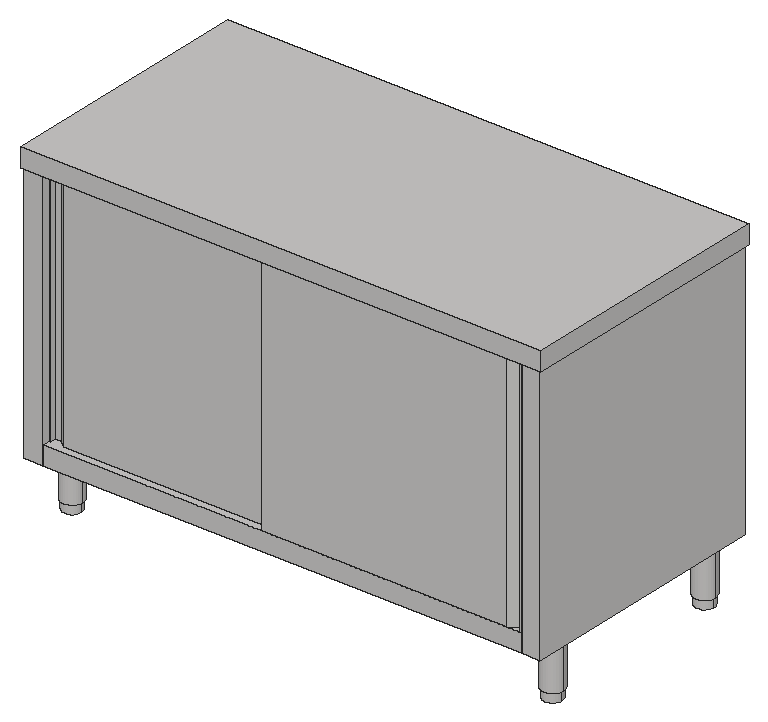
Revit family "QF_ZANUSSI_132772_MTN1400PN", category Attrezzature speciali, Revit 2020
Family settings
  Quota connettore circolare = Usa diametro
  Tipo di parte = Normale
  Basato su piano di lavoro = No
  Sempre verticale = Sì
  Taglio con vuoti quando caricato = No
  Condiviso = No
  Punto di calcolo locali = No
Parameters (values of type "Standard")
  Weight = 60.00 kg
  Watts = 0 W
  Volts = 0 V
  URL Manufacturer = "http://www.zanussiprofessional.com"
  URL = "http://www.zanussiprofessional.com"
  Steam Supply Size = 0 mm
  Steam Supply Minimum Pressure = 0.0 Pa
  Steam Supply Maximum Pressure = 0.0 Pa
  Steam Consumption per Hour = 0
  Refrigeration Suction Line Size = 0.0 mm
  Refrigeration Liquid Line Size = 0.0 mm
  Refrigerant Compressor Remote = yes
  Prospetto di default = 0.0 mm
  Produttore = "Zanussi"
  Phase = 0
  Modello = "MTN1400PN"
  Length Actual = 1400.0 mm  # constant formula
  Item Number = "132772"
  Hot Water Size = 0 mm
  Height Actual = 900.0 mm  # constant formula
  HP = "0 HP"
  Gas Size = 0 mm
  Gas KW = 0
  Gas Input Pressure = 0 W
  Direct Waste Size = 0 mm
  Descrizione = "WORKTOP CUPB.+SHELF+SLIDING DOORS 1400MM"
  Depth Actual = 700.0 mm  # constant formula
  Cycle = 0 Hz
  Condensate Return Size = 0 mm
  Compressed Air Volume = 0.0 L/s
  Compressed Air Size = 0 mm
  Compressed Air Pressure = 0.0 Pa
  Cold Water Size = 0 mm
  Accessory = yes
Reference planes
  plane 1 "Center (Front/Back)": y = 0
  plane 2: z = 0
  plane 3 "Center (Left/Right)": x = -200
  plane 4 "LEFT": x = -900
  plane 5 "RIGHT": x = 500
  plane 6 "BACK": y = 350
  plane 7 "FRONT": y = -350
  plane 8 "Base": z = 850
  plane 9 "TOP": z = 900
  plane 10: x = -846.9
  plane 11: x = 446.9
  plane 12: y = 270
  plane 13: y = -241.9
  plane 14 "BodyLeft": x = -894.5
  plane 15 "BodyFront": y = -344.5
  plane 16 "BodyRight": x = 494.5
  plane 17 "BodyBack": y = 344.5
  plane 18 "FEET": z = 150
  plane 19: x = -144.5
  plane 20: x = -255.5
Forms (mm)
  Extrusion 1, solid, material "QF_Finishes_Stainless Steel"
    sketch origin (-200, 0, 0) x (0, 1, 0) y (0, 0, 1)
      loop
        line (-350, 850) -> (350, 850) -> (350, 900) -> (-350, 900) -> (-350, 850)
    from 700 to -700
  Extrusion 2, solid, material "QF_Finishes_Stainless Steel"
    sketch origin (0, 0, 150) x (-1, 0, 0) y (0, -1, 0)
      loop
        line (894.5, -344.5) -> (894.5, 344.5) -> (844.5, 344.5) -> (844.5, -344.5) -> (894.5, -344.5)
      loop
        line (-444.5, -344.5) -> (-444.5, 344.5) -> (-494.5, 344.5) -> (-494.5, -344.5) -> (-444.5, -344.5)
    from 0 to 700
  Extrusion 3, solid, material "QF_Finishes_Stainless Steel"
    sketch origin (0, 0, 150) x (-1, 0, 0) y (0, -1, 0)
      loop
        line (843.585, -344.5) -> (843.585, 344.5) -> (-444.5, 344.5) -> (-444.5, -344.5) -> (843.585, -344.5)
    from 0 to 50
  Extrusion 4, solid, material "QF_Finishes_Stainless Steel"
    sketch origin (0, 0, 150) x (-1, 0, 0) y (0, -1, 0)
      loop
        line (843.585, -344.5) -> (843.585, -294.5) -> (-444.5, -294.5) -> (-444.5, -344.5) -> (843.585, -344.5)
    from 50 to 700
  Extrusion 5, solid, material "QF_Finishes_Stainless Steel"
    sketch origin (0, 0, 150) x (-1, 0, 0) y (0, -1, 0)
      loop
        line (-444.5, 344.5) -> (-444.5, 324.5) -> (255.5, 324.5) -> (255.5, 344.5) -> (-404.5, 344.5) -> (-424.5, 329.5) -> (-439.5, 329.5) -> (-439.5, 344.5) -> (-444.5, 344.5)
    from 50 to 700
  Extrusion 6, solid, material "QF_Finishes_Stainless Steel"
    sketch origin (0, 20, 150) x (1, 0, 0) y (0, 1, 0)
      loop
        line (-844.5, -344.5) -> (-839.5, -344.5) -> (-839.5, -329.5) -> (-824.5, -329.5) -> (-804.5, -344.5) -> (-144.5, -344.5) -> (-144.5, -324.5) -> (-844.5, -324.5) -> (-844.5, -344.5)
    from 50 to 700
Lines and regions (mm)
  symbolic lines
    curve 1: line (500, 350, 900) -> (-900, 350, 900)
    curve 2: line (-900, 350, 900) -> (-900, -350, 900)
    curve 3: line (-900, -350, 900) -> (500, -350, 900)
    curve 4: line (500, -350, 900) -> (500, 350, 900)
  symbolic lines, style "SpecialityEquipmentHiddenLines"
    curve 5: line (-894.5, 344.5, 150) -> (494.5, 344.5, 150)
    curve 6: line (-894.5, -344.5, 150) -> (-894.5, 344.5, 150)
    curve 7: line (494.5, -344.5, 150) -> (-894.5, -344.5, 150)
    curve 8: line (494.5, 344.5, 150) -> (494.5, -344.5, 150)
    curve 9: line (-844.5, -304.5, 150) -> (-144.5, -304.5, 150)
    curve 10: line (-144.5, -304.5, 150) -> (-144.5, -324.5, 150)
    curve 11: line (-844.5, -324.5, 150) -> (444.5, -324.5, 150)
    curve 12: line (444.5, -324.5, 150) -> (444.5, -344.5, 150)
    curve 13: line (-255.5, -324.5, 150) -> (-255.5, -344.5, 150)
    curve 14: line (-844.5, -304.5, 150) -> (-844.5, -324.5, 150)
Dimensions and locks
  plane 4 "LEFT" to plane 5 "RIGHT" = 1400.0 mm
  equal spacing: plane 4 "LEFT", plane 3 "Center (Left/Right)", plane 5 "RIGHT"
  locked: plane 8 "Base" to level at 850
  plane 9 "TOP" to level = 900.0 mm
  plane 6 "BACK" to plane 7 "FRONT" = 700.0 mm
  equal spacing: plane 6 "BACK", plane 1 "Center (Front/Back)", plane 7 "FRONT"
  locked: plane 4 "LEFT" to plane 14 "BodyLeft" at 5.5
  locked: plane 16 "BodyRight" to plane 5 "RIGHT" at 5.5
  locked: plane 15 "BodyFront" to plane 7 "FRONT" at 5.5
  locked: plane 6 "BACK" to plane 17 "BodyBack" at 5.5
  locked: plane 14 "BodyLeft" to plane 10 at 47.6
  locked: plane 11 to plane 16 "BodyRight" at 47.6
  locked: plane 13 to plane 15 "BodyFront" at 102.6
  locked: plane 17 "BodyBack" to plane 12 at 74.5
  plane 10 to plane 11 = 1293.8 mm
  plane 12 to plane 13 = 511.9 mm
  locked: plane 14 "BodyLeft" to Extrusion 2 sketch curve at 50
  locked: Extrusion 2 sketch curve to Extrusion 2 sketch curve at 50
  Extrusion 3 to Extrusion 4 sketch curve = 50.0 mm
  Extrusion 2 to plane 19 = 700.0 mm
  plane 20 to Extrusion 2 = 700.0 mm
  locked: plane 18 "FEET" to level at 150
  aligned and locked: level to plane 2
  aligned and locked: plane 10 to nested 1
  aligned and locked: nested 1 to plane 13
  aligned and locked: plane 11 to nested 2
  aligned and locked: nested 2 to plane 13
  aligned and locked: plane 11 to nested 4
  aligned and locked: nested 4 to plane 12
  aligned and locked: plane 10 to nested 3
  aligned and locked: nested 3 to plane 12
  aligned and locked: Extrusion 1 to plane 4 "LEFT"
  aligned and locked: plane 5 "RIGHT" to Extrusion 1
  aligned and locked: curve 2 to plane 4 "LEFT"
  aligned and locked: plane 17 "BodyBack" to Extrusion 2 sketch curve
  aligned and locked: Extrusion 2 sketch curve to plane 15 "BodyFront"
  aligned and locked: Extrusion 2 sketch curve to plane 14 "BodyLeft"
  aligned and locked: plane 16 "BodyRight" to Extrusion 2 sketch curve
  aligned and locked: Extrusion 2 sketch curve to plane 17 "BodyBack"
  aligned and locked: plane 15 "BodyFront" to Extrusion 2 sketch curve
  aligned and locked: Extrusion 3 sketch curve to plane 17 "BodyBack"
  aligned and locked: plane 15 "BodyFront" to Extrusion 3 sketch curve
  aligned and locked: plane 8 "Base" to Extrusion 2
  aligned and locked: Extrusion 4 sketch curve to Extrusion 3
  aligned and locked: plane 8 "Base" to Extrusion 5
  aligned and locked: Extrusion 5 to Extrusion 3
  aligned and locked: Extrusion 6 sketch curve to plane 19
  aligned and locked: Extrusion 5 sketch curve to plane 20
  aligned and locked: Extrusion 1 to plane 8 "Base"
  aligned and locked: plane 9 "TOP" to Extrusion 1
  aligned and locked: curve 5 to plane 17 "BodyBack"
  aligned and locked: plane 14 "BodyLeft" to curve 6
  aligned and locked: plane 15 "BodyFront" to curve 7
  aligned and locked: plane 16 "BodyRight" to curve 8
Automatic sketch dimensions
  curve 3 to plane 7 "FRONT" = 0.0 mm
  curve 4 to plane 6 "BACK" = 0.0 mm
  Extrusion 1 sketch curve to plane 7 "FRONT" = 0.0 mm
  plane 9 "TOP" to Extrusion 1 sketch curve = 0.0 mm
  Extrusion 1 sketch curve to plane 6 "BACK" = 0.0 mm
  Extrusion 1 sketch curve to plane 8 "Base" = 0.0 mm
  Extrusion 5 sketch curve to plane 15 "BodyFront" = 0.0 mm  (x2)
  Extrusion 5 sketch curve to plane 11 = 2.4 mm
  Extrusion 5 sketch curve to Extrusion 5 sketch curve = 5.0 mm
  Extrusion 5 sketch curve to Extrusion 5 sketch curve = 15.0 mm
  Extrusion 5 sketch curve to Extrusion 5 sketch curve = 20.0 mm
  plane 15 "BodyFront" to Extrusion 5 sketch curve = 15.0 mm
  plane 15 "BodyFront" to Extrusion 5 sketch curve = 20.0 mm
  Extrusion 6 sketch curve to plane 15 "BodyFront" = 20.0 mm  (x2)
  Extrusion 6 sketch curve to plane 10 = 2.4 mm
  Extrusion 6 sketch curve to Extrusion 6 sketch curve = 5.0 mm
  Extrusion 6 sketch curve to Extrusion 6 sketch curve = 15.0 mm
  Extrusion 6 sketch curve to Extrusion 6 sketch curve = 20.0 mm  (x2)
  Extrusion 6 sketch curve to plane 15 "BodyFront" = 35.0 mm
  Extrusion 3 sketch curve to plane 11 = 2.4 mm
  plane 10 to Extrusion 3 sketch curve = 3.315 mm
  Extrusion 4 sketch curve to plane 11 = 2.4 mm
  plane 10 to Extrusion 4 sketch curve = 3.315 mm
  curve 10 to plane 19 = 0.0 mm
  curve 13 to plane 20 = 0.0 mm
  curve 11 to plane 11 = 2.4 mm
  plane 15 "BodyFront" to curve 9 = 40.0 mm
  curve 12 to curve 12 = 20.0 mm
  plane 10 to curve 14 = 2.4 mm
  curve 4 to plane 5 "RIGHT" = 0.0 mm
Nested families
  nested 1: "FEET_D58-150" at (-846.9, -241.9, 0), type "FEET_D58-150"
  nested 2: "FEET_D58-150" at (446.9, -241.9, 0), type "FEET_D58-150"
  nested 3: "FEET_D58-150" at (-846.9, 270, 0), type "FEET_D58-150"
  nested 4: "FEET_D58-150" at (446.9, 270, 0), type "FEET_D58-150"
Definition of nested family "FEET_D58-150"
  Parameters
    Default Elevation = 0.0 mm
    FEET = 150.0 mm
  Reference planes
    plane 1 "Center (Front/Back)": y = 0
    plane 2: z = 0
    plane 3 "Center (Left/Right)": x = 0
    plane 4: z = 150
  Forms (mm)
    Extrusion 1, solid
      sketch origin (0, 0, 0) x (1, 0, 0) y (0, 1, 0)
        loop
          circle (0, 0) r 25
      from 0 to 25
    Extrusion 2, solid
      sketch origin (0, 0, 0) x (1, 0, 0) y (0, 1, 0)
        loop
          circle (0.061, 0) r 29
      from 25 to 150 <- "FEET"
  Lines and regions (mm)
    symbolic lines
      curve 1: line (0, -1.503, 0) -> (0, 1.508, 0)
      curve 2: line (1.561, 0, 0) -> (-1.439, 0, 0)
  Dimensions and locks
    "FEET": plane 4 to plane 2
    aligned and locked: level to plane 2
  Automatic sketch dimensions
    plane 1 "Center (Front/Back)" to Extrusion 1 sketch curve = 0.0 mm
    Extrusion 1 sketch curve to plane 3 "Center (Left/Right)" = 0.0 mm
    plane 1 "Center (Front/Back)" to curve 2 = 0.0 mm
    curve 1 to plane 3 "Center (Left/Right)" = 0.0 mm
    curve 2 to plane 3 "Center (Left/Right)" = 1.439 mm
    plane 3 "Center (Left/Right)" to curve 2 = 1.561 mm
    plane 1 "Center (Front/Back)" to curve 1 = 1.503 mm
    curve 1 to plane 1 "Center (Front/Back)" = 1.508 mm
    plane 1 "Center (Front/Back)" to Extrusion 2 sketch curve = 0.0 mm
    plane 3 "Center (Left/Right)" to Extrusion 2 sketch curve = 0.061 mm
    radius of Extrusion 1 sketch curve = 25.0 mm
    radius of Extrusion 2 sketch curve = 29.0 mm
